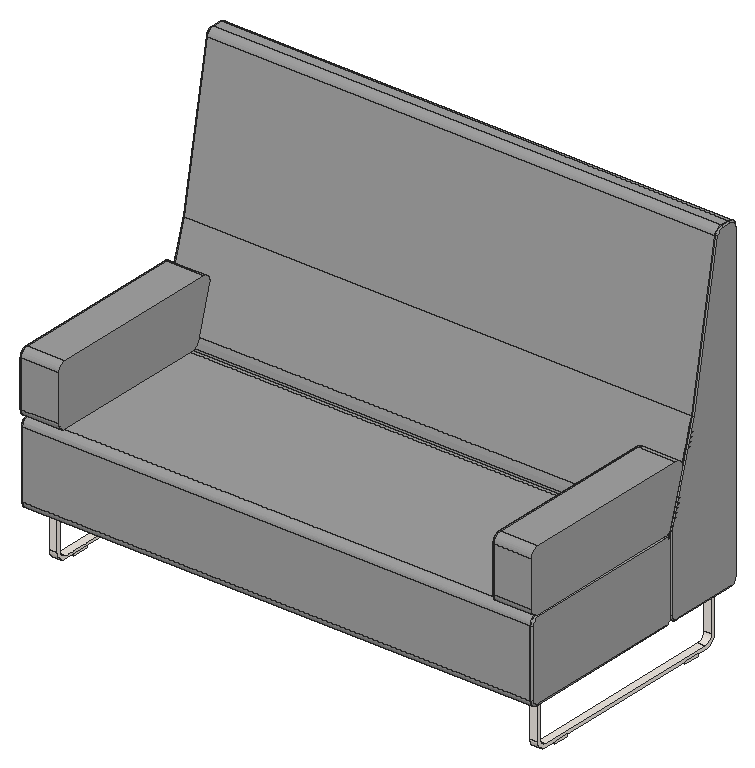
Revit family "Haworth_Riverbend_StraightBench_EU_PRELIMINARY", category Furniture, Revit 2018 (continued)
Definition of nested family "Haworth_Riverbend_StraightBench_Base-PART"
  Dimensions and locks (cm)
    aligned and locked: plane 12 "Leg Right - Right of Leg Bracket" to Extrusion 7
    aligned and locked: Extrusion 7 to plane 14 "Leg Right - Left of Leg"
    aligned and locked: plane 12 "Leg Right - Right of Leg Bracket" to Extrusion 6
    aligned and locked: Extrusion 6 to plane 14 "Leg Right - Left of Leg"
    aligned and locked: plane 21 "Foot - Top of Foot" to Extrusion 10  (x2)
    aligned and locked: Extrusion 10 to plane 20 "Leg Bottom - Top of Bottom"
    aligned and locked: plane 19 "Leg Bracket - Bottom" to Extrusion 1
    aligned and locked: plane 19 "Leg Bracket - Bottom" to Extrusion 10  (x2)
    aligned and locked: plane 19 "Leg Bracket - Bottom" to Extrusion 5
    aligned and locked: Extrusion 5 to plane 17 "Frame Bottom"
    aligned and locked: Extrusion 9 to plane 19 "Leg Bracket - Bottom"
    aligned and locked: plane 17 "Frame Bottom" to Extrusion 9
    aligned and locked: Extrusion 7 to plane 2 "Bottom"
    aligned and locked: Extrusion 7 to plane 21 "Foot - Top of Foot"
    aligned and locked: plane 2 "Bottom" to Extrusion 3
    aligned and locked: plane 21 "Foot - Top of Foot" to Extrusion 3
    aligned and locked: Extrusion 8 to plane 19 "Leg Bracket - Bottom"
    aligned and locked: plane 17 "Frame Bottom" to Extrusion 8
    aligned and locked: Extrusion 6 to plane 21 "Foot - Top of Foot"
    aligned and locked: Extrusion 6 to plane 2 "Bottom"
    aligned and locked: plane 22 "Power Mod - Left" to nested 1
    aligned and locked: nested 1 to plane 24 "Power Mod - Front"
    aligned and locked: Extrusion 1 to plane 9 "Leg Left - Left of Leg Bracket"
    aligned and locked: plane 10 "Leg Left - Right of Leg" to Extrusion 1
    aligned and locked: Extrusion 1 sketch curve to plane 21 "Foot - Top of Foot"
    aligned and locked: plane 20 "Leg Bottom - Top of Bottom" to Extrusion 1 sketch curve
    aligned and locked: Extrusion 1 sketch curve to plane 19 "Leg Bracket - Bottom"
    aligned and locked: plane 7 "Chair Front" to Masking region 1 sketch curve  (x2)
    aligned and locked: Masking region 1 sketch curve to plane 6 "Frame Back"  (x2)
    aligned and locked: plane 17 "Frame Bottom" to nested 1  (x2)
    aligned and locked: Extrusion 9 to plane 17 "Frame Bottom"  (x2)
    aligned and locked: plane 19 "Leg Bracket - Bottom" to Extrusion 9  (x3)
    aligned and locked: Extrusion 8 to plane 17 "Frame Bottom"  (x4)
    aligned and locked: plane 19 "Leg Bracket - Bottom" to Extrusion 8  (x4)
    aligned and locked: plane 9 "Leg Left - Left of Leg Bracket" to Masking region 1 sketch curve
    aligned and locked: Masking region 1 sketch curve to plane 10 "Leg Left - Right of Leg"
    aligned and locked: plane 14 "Leg Right - Left of Leg" to Masking region 1 sketch curve
    aligned and locked: Masking region 1 sketch curve to plane 12 "Leg Right - Right of Leg Bracket"
    aligned and locked: Extrusion 10 sketch curve to Extrusion 1
  Automatic sketch dimensions
    Extrusion 1 sketch curve to plane 19 "Leg Bracket - Bottom" = 0 cm
    Extrusion 1 sketch curve to Extrusion 1 sketch curve = 0.3175 cm  (x2)
    Extrusion 6 sketch curve to plane 14 "Leg Right - Left of Leg" = 0 cm
    Extrusion 6 sketch curve to plane 12 "Leg Right - Right of Leg Bracket" = 0 cm
    Extrusion 7 sketch curve to plane 14 "Leg Right - Left of Leg" = 0 cm
    Extrusion 7 sketch curve to plane 12 "Leg Right - Right of Leg Bracket" = 0 cm
    Extrusion 8 sketch curve to plane 13 "Leg Right - Left of Leg Bracket" = 0 cm
    Extrusion 8 sketch curve to plane 12 "Leg Right - Right of Leg Bracket" = 0 cm
    Extrusion 9 sketch curve to plane 13 "Leg Right - Left of Leg Bracket" = 0 cm
    Extrusion 9 sketch curve to plane 12 "Leg Right - Right of Leg Bracket" = 0 cm
    plane 21 "Foot - Top of Foot" to Extrusion 10 sketch curve = 0 cm
    Extrusion 10 sketch curve to plane 19 "Leg Bracket - Bottom" = 0 cm  (x2)
    Extrusion 10 sketch curve to Extrusion 10 sketch curve = 0.3175 cm  (x2)
    Extrusion 2 sketch curve to Extrusion 2 sketch curve = 5.08 cm
    Extrusion 6 sketch curve to Extrusion 6 sketch curve = 5.08 cm
    Extrusion 1 sketch curve to plane 20 "Leg Bottom - Top of Bottom" = 2.54 cm
    Extrusion 4 sketch curve to Extrusion 4 sketch curve = 6.0325 cm
    Extrusion 8 sketch curve to Extrusion 8 sketch curve = 6.0325 cm
    Extrusion 10 sketch curve to plane 20 "Leg Bottom - Top of Bottom" = 2.54 cm  (x2)
    Extrusion 1 sketch curve to plane 24 "Power Mod - Front" = 5.4375 cm
    Extrusion 1 sketch curve to plane 24 "Power Mod - Front" = 2.8975 cm
    Extrusion 1 sketch curve to Extrusion 1 sketch curve = 0.9525 cm
    plane 24 "Power Mod - Front" to Extrusion 3 sketch curve = 8.9375 cm
    Extrusion 3 sketch curve to Extrusion 3 sketch curve = 5.08 cm
    plane 24 "Power Mod - Front" to Extrusion 5 sketch curve = 1.945 cm
    Extrusion 5 sketch curve to Extrusion 5 sketch curve = 6.0325 cm
    Extrusion 7 sketch curve to plane 24 "Power Mod - Front" = 8.9375 cm
    Extrusion 7 sketch curve to Extrusion 7 sketch curve = 5.08 cm
    Extrusion 9 sketch curve to plane 24 "Power Mod - Front" = 1.945 cm
    Extrusion 9 sketch curve to Extrusion 9 sketch curve = 6.0325 cm
    Extrusion 10 sketch curve to plane 24 "Power Mod - Front" = 5.4375 cm
    Extrusion 1 sketch curve to plane 6 "Frame Back" = 7.9775 cm
    Extrusion 2 sketch curve to plane 6 "Frame Back" = 7.1575 cm
    Extrusion 4 sketch curve to plane 6 "Frame Back" = 4.485 cm
    plane 6 "Frame Back" to Extrusion 6 sketch curve = 11.4775 cm
    plane 6 "Frame Back" to Extrusion 8 sketch curve = 4.485 cm
  Nested families (cm)
    nested 1: "Haworth_Riverbend_PowerModule" at (-137.9801, -29.4836, -6.72), visible <- "Power Module", type "Power Module"
  Definition of nested family "Haworth_Riverbend_PowerModule"
    Parameters
      Warranty = "http://www.haworth.com/product-info/warranties"
      URL - Product = "http://www.haworth.com/products/"
      URL = "http://www.haworth.com/"
      Size = "Verify Final Dim. w/ Haworth"  # constant formula
      Revision Number = "1"  # constant formula
      Model = "EUSM"  # constant formula
      Manufacturer = "Haworth"  # constant formula
      Hardware Finish = none
      Front Finish = none
      Description = "Haworth Riverbend - Power Module"  # constant formula
      Author = "Haworth (Bentzen)"  # constant formula
      Assembly Code = "E2020200"
      Actual Width = 16.51 cm  # constant formula
      Actual Height = 4.7625 cm  # constant formula
      Actual Depth = 6.985 cm  # constant formula
    Reference planes (cm)
      plane 1 "Back": y = 0
      plane 2: z = 0
      plane 3 "Face 4": z = 18.0975
      plane 4 "Face Front": y = -6.985
      plane 5 "Bracket - Back": y = -0.635
      plane 6 "Bracket - Front": y = -6.35
      plane 7 "Module - Left": x = 3.8401
      plane 8 "Module - Right": x = 17.8101
      plane 9 "Left": x = 2.5701
      plane 10 "Right": x = 19.0801
      plane 11: z = 18.415
      plane 12: z = 13.6525
      plane 13: x = 10.8251
      plane 14: x = 5.8645
      plane 15: x = 7.9549
      plane 16: x = 8.8361
      plane 17: x = 10.9775
      plane 18: x = 13.2083
      plane 19: x = 14.5888
      plane 20: z = 16.3798
      plane 21: z = 14.8469
      plane 22: y = -7.3025
      plane 23: y = -3.6513
      plane 24: z = 18.415
    Forms (cm)
      Extrusion 1, solid, material <- "Hardware Finish"
        sketch origin (0, 0, 0) x (1, 0, 0) y (0, 1, 0)
          loop
            arc (2.8876, -0.635) -> (2.6631, -0.728) -> (2.5701, -0.9525) r 0.3175
            line (2.5701, -0.9525) -> (2.5701, -6.0325)
            arc (2.5701, -6.0325) -> (2.6631, -6.257) -> (2.8876, -6.35) r 0.3175
            line (2.8876, -6.35) -> (18.7626, -6.35)
            arc (18.7626, -6.35) -> (18.9872, -6.257) -> (19.0801, -6.0325) r 0.3175
            line (19.0801, -6.0325) -> (19.0801, -0.9525)
            arc (19.0801, -0.9525) -> (18.9872, -0.728) -> (18.7626, -0.635) r 0.3175
            line (18.7626, -0.635) -> (2.8876, -0.635)
        from 18.0975 to 18.415
      Extrusion 2, solid, material <- "Hardware Finish"
        sketch origin (0, 0, 0) x (1, 0, 0) y (0, 1, 0)
          loop
            arc (3.9195, 0) -> (3.8634, -0.0232) -> (3.8401, -0.0794) r 0.0794
            line (3.8401, -0.0794) -> (3.8401, -6.35)
            arc (3.8401, -6.35) -> (4.0261, -6.799) -> (4.4751, -6.985) r 0.635
            line (4.4751, -6.985) -> (17.1751, -6.985)
            arc (17.1751, -6.985) -> (17.6242, -6.799) -> (17.8101, -6.35) r 0.635
            line (17.8101, -6.35) -> (17.8101, -0.0794)
            arc (17.8101, -0.0794) -> (17.7869, -0.0232) -> (17.7308, 0) r 0.0794
            line (17.7308, 0) -> (3.9195, 0)
        from 13.6525 to 18.0975
      Extrusion 3, solid, material <- "Front Finish"
        sketch origin (0, 0, -62.998) x (1, 0, 0) y (0, 0, 1)
          loop
            line (5.8645, 79.3778) -> (5.8645, 77.8449) -> (7.9549, 77.8449) -> (7.9549, 79.3778) -> (5.8645, 79.3778)
        from 6.985 to 7.3025
      Extrusion 4, solid, material <- "Front Finish"
        sketch origin (0, 0, -62.998) x (1, 0, 0) y (0, 0, 1)
          loop
            line (8.8361, 79.3778) -> (8.8361, 77.8449) -> (10.9775, 77.8449) -> (10.9775, 79.3778) -> (8.8361, 79.3778)
        from 6.985 to 7.3025
      Extrusion 5, solid, material <- "Front Finish"
        sketch origin (0, 0, -62.998) x (1, 0, 0) y (0, 0, 1)
          loop
            line (13.2083, 79.3778) -> (13.2083, 77.8449) -> (14.5888, 77.8449) -> (14.5888, 79.3778) -> (13.2083, 79.3778)
        from 6.985 to 7.3025
    Lines and regions (cm)
      Masking region 1
        outline origin (0, 0, 0) x (1, 0, 0) y (0, 1, 0)
          loop
            arc (2.8876, -0.635) -> (2.6631, -0.728) -> (2.5701, -0.9525) r 0.3175
            line (2.5701, -0.9525) -> (2.5701, -6.0325)
            arc (2.5701, -6.0325) -> (2.6631, -6.257) -> (2.8876, -6.35) r 0.3175
            line (2.8876, -6.35) -> (3.8401, -6.35)
            arc (3.8401, -6.35) -> (4.0261, -6.799) -> (4.4751, -6.985) r 0.635
            line (4.4751, -6.985) -> (17.1751, -6.985)
            arc (17.1751, -6.985) -> (17.6242, -6.799) -> (17.8101, -6.35) r 0.635
            line (17.8101, -6.35) -> (18.7626, -6.35)
            arc (18.7626, -6.35) -> (18.9872, -6.257) -> (19.0801, -6.0325) r 0.3175
            line (19.0801, -6.0325) -> (19.0801, -0.9525)
            arc (19.0801, -0.9525) -> (18.9872, -0.728) -> (18.7626, -0.635) r 0.3175
            line (18.7626, -0.635) -> (17.8101, -0.635) -> (17.8101, -0.0794)
            arc (17.8101, -0.0794) -> (17.7869, -0.0232) -> (17.7308, 0) r 0.0794
            line (17.7308, 0) -> (3.9195, 0)
            arc (3.9195, 0) -> (3.8634, -0.0232) -> (3.8401, -0.0794) r 0.0794
            line (3.8401, -0.0794) -> (3.8401, -0.635) -> (2.8876, -0.635)
      symbolic lines, detail levels fine
        curve 1: line (3.8401, -0.635, 0) -> (17.8101, -0.635, 0)
        curve 2: line (17.8101, -0.635, 0) -> (17.8101, -6.35, 0)
        curve 3: line (17.8101, -6.35, 0) -> (3.8401, -6.35, 0)
        curve 4: line (3.8401, -6.35, 0) -> (3.8401, -0.635, 0)
    Dimensions and locks (cm)
      "Actual Depth": plane 4 "Face Front" to plane 1 "Back"
      locked: plane 5 "Bracket - Back" to plane 6 "Bracket - Front" at 5.715
      "Actual Width": plane 9 "Left" to plane 10 "Right"
      locked: plane 7 "Module - Left" to plane 8 "Module - Right" at 13.97
      plane 11 to plane 3 "Face 4" = 0.3175 cm
      equal spacing: plane 10 "Right", plane 13, plane 9 "Left"
      plane 4 "Face Front" to plane 22 = 0.3175 cm
      equal spacing: plane 22, plane 23, plane 1 "Back"
      "Actual Height": plane 11 to plane 12
      plane 24 to plane 2 = 18.415 cm
      aligned and locked: plane 4 "Face Front" to Extrusion 4
    Automatic sketch dimensions
      Extrusion 3 sketch curve to plane 14 = 0 cm
      Extrusion 3 sketch curve to plane 15 = 0 cm
      plane 21 to Extrusion 3 sketch curve = 0 cm
      plane 20 to Extrusion 3 sketch curve = 0 cm
      Extrusion 4 sketch curve to plane 16 = 0 cm
      Extrusion 4 sketch curve to plane 17 = 0 cm
      plane 21 to Extrusion 4 sketch curve = 0 cm
      plane 20 to Extrusion 4 sketch curve = 0 cm
      Extrusion 5 sketch curve to plane 18 = 0 cm
      Extrusion 5 sketch curve to plane 19 = 0 cm
      plane 21 to Extrusion 5 sketch curve = 0 cm
      plane 20 to Extrusion 5 sketch curve = 0 cm
      Masking region 1 sketch curve to plane 5 "Bracket - Back" = 0 cm  (x2)
      Masking region 1 sketch curve to plane 7 "Module - Left" = 0 cm  (x2)
      Masking region 1 sketch curve to plane 6 "Bracket - Front" = 0 cm  (x2)
      plane 1 "Back" to Masking region 1 sketch curve = 0 cm
      Masking region 1 sketch curve to plane 4 "Face Front" = 0 cm
      Masking region 1 sketch curve to plane 8 "Module - Right" = 0 cm  (x2)
      Masking region 1 sketch curve to plane 10 "Right" = 0 cm
      plane 1 "Back" to Masking region 1 sketch curve = 0.0794 cm  (x2)
      Masking region 1 sketch curve to plane 10 "Right" = 0.3175 cm
      Masking region 1 sketch curve to plane 5 "Bracket - Back" = 0.3175 cm
      plane 9 "Left" to Masking region 1 sketch curve = 0.3175 cm  (x2)
      Masking region 1 sketch curve to plane 9 "Left" = 0 cm
      curve 4 to plane 7 "Module - Left" = 0 cm
      curve 3 to plane 6 "Bracket - Front" = 0 cm
      curve 1 to plane 5 "Bracket - Back" = 0 cm
      curve 3 to plane 8 "Module - Right" = 0 cm
      Extrusion 1 sketch curve to Extrusion 1 sketch curve = 0.3175 cm  (x3)
      Extrusion 1 sketch curve to Extrusion 1 sketch curve = 5.08 cm
      Extrusion 2 sketch curve to Extrusion 2 sketch curve = 0.0794 cm
      Extrusion 2 sketch curve to Extrusion 2 sketch curve = 6.2706 cm
      Extrusion 1 sketch curve to Extrusion 1 sketch curve = 15.875 cm
      Extrusion 1 sketch curve to Extrusion 1 sketch curve = 0 cm
      Extrusion 2 sketch curve to Extrusion 2 sketch curve = 0.635 cm  (x2)
      Extrusion 2 sketch curve to Extrusion 2 sketch curve = 12.7 cm
      Extrusion 2 sketch curve to Extrusion 2 sketch curve = 0.5556 cm
      Extrusion 1 sketch curve to plane 9 "Left" = 0 cm
      Extrusion 2 sketch curve to plane 7 "Module - Left" = 0 cm
      Extrusion 1 sketch curve to plane 6 "Bracket - Front" = 0 cm
      Extrusion 2 sketch curve to plane 4 "Face Front" = 0 cm
Definition of nested family "Haworth_Riverbend_Arm-PART"
  Parameters (values of type "Arm - PART")
    Warranty = "http://www.haworth.com/resources/product-info/warranties"
    URL - Product = "http://www.haworth.com/products/seating/sofas/riverbend-pebble"
    Model = "Haworth - Riverbend"  # constant formula
    Description = "Haworth - Riverbend - Arm - PART"  # constant formula
    URL = "http://www.haworth.com"
    Size = "Verify Final Dim. w/ Haworth"  # constant formula
    Revision Number = "1"  # constant formula
    Manufacturer = "Haworth"  # constant formula
    Author = "Haworth (Abd Rahman)"  # constant formula
    Assembly Code = "E2020200"
    Arm Finish [instance] = none
    Actual Width = 13 cm
    Actual Height = 45.72 cm
    Actual Depth = 62.5 cm
    85D [instance] = yes
    79D [instance] = yes
  Reference planes (cm)
    plane 1 "Bottom": z = 0
    plane 2 "Center L/R": x = -49.53
    plane 3 "Left": x = -56.03
    plane 4 "Right": x = -43.03
    plane 5 "Top": z = 45.72
    plane 6 "Top - Bottom of Chamfer Edge": z = 45.085
    plane 7 "Frame Bottom": z = 18.415
    plane 8 "Bottom - Top of Chamfer Edge": z = 19.05
    plane 9 "Leg Bracket - Bottom": z = 17.78
    plane 10: y = 35.8515
    plane 11: y = -26.6485
    plane 12: y = 4.6015
  Forms (cm)
    Extrusion 1, solid, material <- "Arm Finish", visible <- "85D"
      sketch origin (-56.03, 0, 0) x (0, 1, 0) y (0, 0, -1)
        loop
          line (-24.1485, -65.9871) -> (33.3515, -65.9871)
          arc (33.3515, -65.9871) -> (35.3659, -64.9678) -> (35.7376, -62.7411) r 2.5
          line (35.7376, -62.7411) -> (30.855, -47.1232)
          arc (30.855, -47.1232) -> (30.1306, -46.1085) -> (28.9461, -45.72) r 2
          line (28.9461, -45.72) -> (-24.1485, -45.72)
          arc (-24.1485, -45.72) -> (-25.9162, -46.4522) -> (-26.6485, -48.22) r 2.5
          line (-26.6485, -48.22) -> (-26.6485, -63.4871)
          arc (-26.6485, -63.4871) -> (-25.9162, -65.2549) -> (-24.1485, -65.9871) r 2.5
      from -0.1761 to 0
    Extrusion 2, solid, material <- "Arm Finish", visible <- "85D"
      sketch origin (-43.03, 0, 0) x (0, 1, 0) y (0, 0, 1)
        loop
          arc (-24.1485, 65.9871) -> (-25.9162, 65.2549) -> (-26.6485, 63.4871) r 2.5
          line (-26.6485, 63.4871) -> (-26.6485, 48.22)
          arc (-26.6485, 48.22) -> (-25.9162, 46.4522) -> (-24.1485, 45.72) r 2.5
          line (-24.1485, 45.72) -> (28.9461, 45.72)
          arc (28.9461, 45.72) -> (30.1306, 46.1085) -> (30.855, 47.1232) r 2
          line (30.855, 47.1232) -> (35.7376, 62.7411)
          arc (35.7376, 62.7411) -> (35.3659, 64.9678) -> (33.3515, 65.9871) r 2.5
          line (33.3515, 65.9871) -> (-24.1485, 65.9871)
      from -12.8239 to -0.1664
    Extrusion 3, solid, material <- "Arm Finish", visible <- "79D"
      sketch origin (-43.03, 0, 0) x (0, 1, 0) y (0, 0, 1)
        loop
          arc (-24.1485, 65.9871) -> (-25.9162, 65.2549) -> (-26.6485, 63.4871) r 2.5
          line (-26.6485, 63.4871) -> (-26.6485, 48.22)
          arc (-26.6485, 48.22) -> (-25.9162, 46.4522) -> (-24.1485, 45.72) r 2.5
          line (-24.1485, 45.72) -> (23.9461, 45.72)
          arc (23.9461, 45.72) -> (25.1306, 46.1085) -> (25.855, 47.1232) r 2
          line (25.855, 47.1232) -> (30.7376, 62.7411)
          arc (30.7376, 62.7411) -> (30.3659, 64.9678) -> (28.3515, 65.9871) r 2.5
          line (28.3515, 65.9871) -> (-24.1485, 65.9871)
      from -0.1664 to 0
    Extrusion 4, solid, material <- "Arm Finish", visible <- "79D"
      sketch origin (-56.03, 0, 0) x (0, 1, 0) y (0, 0, -1)
        loop
          line (-24.1485, -65.9871) -> (28.3515, -65.9871)
          arc (28.3515, -65.9871) -> (30.3659, -64.9678) -> (30.7376, -62.7411) r 2.5
          line (30.7376, -62.7411) -> (25.855, -47.1232)
          arc (25.855, -47.1232) -> (25.1306, -46.1085) -> (23.9461, -45.72) r 2
          line (23.9461, -45.72) -> (-24.1485, -45.72)
          arc (-24.1485, -45.72) -> (-25.9162, -46.4522) -> (-26.6485, -48.22) r 2.5
          line (-26.6485, -48.22) -> (-26.6485, -63.4871)
          arc (-26.6485, -63.4871) -> (-25.9162, -65.2549) -> (-24.1485, -65.9871) r 2.5
      from -0.1761 to 0
    Extrusion 5, solid, material <- "Arm Finish", visible <- "79D"
      sketch origin (-43.03, 0, 0) x (0, 1, 0) y (0, 0, 1)
        loop
          arc (-24.1485, 65.9871) -> (-25.9162, 65.2549) -> (-26.6485, 63.4871) r 2.5
          line (-26.6485, 63.4871) -> (-26.6485, 48.22)
          arc (-26.6485, 48.22) -> (-25.9162, 46.4522) -> (-24.1485, 45.72) r 2.5
          line (-24.1485, 45.72) -> (23.9461, 45.72)
          arc (23.9461, 45.72) -> (25.1306, 46.1085) -> (25.855, 47.1232) r 2
          line (25.855, 47.1232) -> (30.7376, 62.7411)
          arc (30.7376, 62.7411) -> (30.3659, 64.9678) -> (28.3515, 65.9871) r 2.5
          line (28.3515, 65.9871) -> (-24.1485, 65.9871)
      from -12.8239 to -0.1664
    Extrusion 6, solid, material <- "Arm Finish", visible <- "79D"
      sketch origin (-43.03, 0, 0) x (0, 1, 0) y (0, 0, 1)
        loop
          arc (-24.1485, 65.9871) -> (-25.9162, 65.2549) -> (-26.6485, 63.4871) r 2.5
          line (-26.6485, 63.4871) -> (-26.6485, 48.22)
          arc (-26.6485, 48.22) -> (-25.9162, 46.4522) -> (-24.1485, 45.72) r 2.5
          line (-24.1485, 45.72) -> (23.9461, 45.72)
          arc (23.9461, 45.72) -> (25.1306, 46.1085) -> (25.855, 47.1232) r 2
          line (25.855, 47.1232) -> (30.7376, 62.7411)
          arc (30.7376, 62.7411) -> (30.3659, 64.9678) -> (28.3515, 65.9871) r 2.5
          line (28.3515, 65.9871) -> (-24.1485, 65.9871)
      from -0.1664 to 0
  Lines and regions (cm)
    Masking region 1, visible <- "85D"
      outline origin (0, 0, 45.72) x (-1, 0, 0) y (0, -1, 0)
        loop
          line (56.03, -35.8515) -> (56.03, 26.6485) -> (43.03, 26.6485) -> (43.03, -35.8515) -> (56.03, -35.8515)
    Masking region 2, visible <- "79D"
      outline origin (0, 0, 45.72) x (-1, 0, 0) y (0, -1, 0)
        loop
          line (56.03, -33.2376) -> (56.03, 26.6485) -> (43.03, 26.6485) -> (43.03, -33.2376) -> (56.03, -33.2376)
  Dimensions and locks (cm)
    "Actual Width": plane 3 "Left" to plane 4 "Right"
    equal spacing: plane 3 "Left", plane 2 "Center L/R", plane 4 "Right"
    locked: plane 5 "Top" to plane 6 "Top - Bottom of Chamfer Edge" at 0.635
    locked: plane 8 "Bottom - Top of Chamfer Edge" to plane 7 "Frame Bottom" at 0.635
    plane 5 "Top" to plane 7 "Frame Bottom" = 27.305 cm
    "Actual Height": plane 5 "Top" to plane 1 "Bottom"
    plane 5 "Top" to plane 1 "Bottom" = 45.72 cm
    equal spacing: plane 11, plane 12, plane 10
    "Actual Depth": plane 11 to plane 10
    aligned and locked: Extrusion 1 to Extrusion 2
    aligned and locked: plane 3 "Left" to Extrusion 1
    aligned and locked: plane 4 "Right" to Extrusion 3
    aligned and locked: Extrusion 2 to Extrusion 3
    aligned and locked: plane 11 to Extrusion 3
    aligned and locked: plane 11 to Extrusion 2
    aligned and locked: plane 11 to Extrusion 1
    aligned and locked: Extrusion 3 to plane 5 "Top"
    aligned and locked: Extrusion 2 to plane 5 "Top"
    aligned and locked: Extrusion 1 to plane 5 "Top"
    aligned and locked: Masking region 1 sketch curve to plane 4 "Right"
    aligned and locked: Masking region 1 sketch curve to plane 3 "Left"
    aligned and locked: plane 10 to Masking region 1 sketch curve
    aligned and locked: Masking region 1 sketch curve to plane 11
    aligned and locked: Extrusion 4 to Extrusion 5
    aligned and locked: Extrusion 5 to Extrusion 6
  Automatic sketch dimensions
    Extrusion 1 sketch curve to plane 11 = 0 cm
    Extrusion 1 sketch curve to plane 5 "Top" = 0 cm
    Extrusion 1 sketch curve to Extrusion 1 sketch curve = 2.5 cm
    Extrusion 1 sketch curve to plane 11 = 2.5 cm
    plane 10 to Extrusion 1 sketch curve = 6.9055 cm
    plane 5 "Top" to Extrusion 1 sketch curve = 1.4032 cm
    Extrusion 1 sketch curve to Extrusion 1 sketch curve = 1.9089 cm
    plane 10 to Extrusion 1 sketch curve = 2.5 cm
    plane 10 to Extrusion 1 sketch curve = 0.1139 cm
    Extrusion 1 sketch curve to Extrusion 1 sketch curve = 15.6179 cm
    Extrusion 1 sketch curve to Extrusion 1 sketch curve = 0.746 cm
    Extrusion 2 sketch curve to plane 11 = 0 cm
    Extrusion 2 sketch curve to plane 5 "Top" = 0 cm
    plane 5 "Top" to Extrusion 2 sketch curve = 2.5 cm
    Extrusion 2 sketch curve to plane 11 = 2.5 cm
    plane 10 to Extrusion 2 sketch curve = 6.9055 cm
    plane 5 "Top" to Extrusion 2 sketch curve = 1.4032 cm
    Extrusion 2 sketch curve to Extrusion 2 sketch curve = 1.9089 cm
    plane 10 to Extrusion 2 sketch curve = 2.5 cm
    plane 10 to Extrusion 2 sketch curve = 0.1139 cm
    Extrusion 2 sketch curve to Extrusion 2 sketch curve = 15.6179 cm
    Extrusion 2 sketch curve to Extrusion 2 sketch curve = 15.2671 cm
    Extrusion 3 sketch curve to plane 11 = 0 cm
    Extrusion 3 sketch curve to plane 5 "Top" = 0 cm
    plane 5 "Top" to Extrusion 3 sketch curve = 2.5 cm
    Extrusion 3 sketch curve to plane 11 = 2.5 cm
    plane 10 to Extrusion 3 sketch curve = 11.9055 cm
    plane 5 "Top" to Extrusion 3 sketch curve = 1.4032 cm
    Extrusion 3 sketch curve to Extrusion 3 sketch curve = 1.9089 cm
    plane 10 to Extrusion 3 sketch curve = 7.5 cm
    plane 10 to Extrusion 3 sketch curve = 5.1139 cm
    Extrusion 3 sketch curve to Extrusion 3 sketch curve = 15.6179 cm
    Extrusion 3 sketch curve to Extrusion 3 sketch curve = 15.2671 cm
    Extrusion 4 sketch curve to plane 11 = 0 cm
    Extrusion 4 sketch curve to plane 5 "Top" = 0 cm
    Extrusion 4 sketch curve to Extrusion 4 sketch curve = 2.5 cm
    Extrusion 4 sketch curve to plane 11 = 2.5 cm
    plane 10 to Extrusion 4 sketch curve = 11.9055 cm
    plane 5 "Top" to Extrusion 4 sketch curve = 1.4032 cm
    Extrusion 4 sketch curve to Extrusion 4 sketch curve = 1.9089 cm
    plane 10 to Extrusion 4 sketch curve = 7.5 cm
    plane 10 to Extrusion 4 sketch curve = 5.1139 cm
    Extrusion 4 sketch curve to Extrusion 4 sketch curve = 15.6179 cm
    Extrusion 4 sketch curve to Extrusion 4 sketch curve = 0.746 cm
    Extrusion 5 sketch curve to plane 11 = 0 cm
    Extrusion 5 sketch curve to plane 5 "Top" = 0 cm
    plane 5 "Top" to Extrusion 5 sketch curve = 2.5 cm
    Extrusion 5 sketch curve to plane 11 = 2.5 cm
    plane 10 to Extrusion 5 sketch curve = 11.9055 cm
    plane 5 "Top" to Extrusion 5 sketch curve = 1.4032 cm
    Extrusion 5 sketch curve to Extrusion 5 sketch curve = 1.9089 cm
    plane 10 to Extrusion 5 sketch curve = 7.5 cm
    plane 10 to Extrusion 5 sketch curve = 5.1139 cm
    Extrusion 5 sketch curve to Extrusion 5 sketch curve = 15.6179 cm
    Extrusion 5 sketch curve to Extrusion 5 sketch curve = 15.2671 cm
    Extrusion 6 sketch curve to plane 11 = 0 cm
    Extrusion 6 sketch curve to plane 5 "Top" = 0 cm
    plane 5 "Top" to Extrusion 6 sketch curve = 2.5 cm
    Extrusion 6 sketch curve to plane 11 = 2.5 cm
    plane 10 to Extrusion 6 sketch curve = 11.9055 cm
    plane 5 "Top" to Extrusion 6 sketch curve = 1.4032 cm
    Extrusion 6 sketch curve to Extrusion 6 sketch curve = 1.9089 cm
    plane 10 to Extrusion 6 sketch curve = 7.5 cm
    plane 10 to Extrusion 6 sketch curve = 5.1139 cm
    Extrusion 6 sketch curve to Extrusion 6 sketch curve = 15.6179 cm
    Extrusion 6 sketch curve to Extrusion 6 sketch curve = 15.2671 cm
    Masking region 2 sketch curve to plane 4 "Right" = 0 cm
    Masking region 2 sketch curve to plane 3 "Left" = 0 cm
    plane 11 to Masking region 2 sketch curve = 0 cm
    plane 10 to Masking region 2 sketch curve = 2.6139 cm
Types (8, lengths in cm): name | Without Arms | With Arms | Two Arms | Symbolic Line Controler | Small | Right Arm | No Back | Mid Back | Medium | Left Arm | Large | High Back | Actual Width
  45 x 85 x 70 - No Back | yes | no | no | no | yes | no | yes | no | no | no | no | no | 70
  45 x 85 x 140 - No Back | yes | no | no | no | no | no | yes | no | yes | no | no | no | 140
  45 x 85 x 170 - No Back | yes | no | no | no | no | no | yes | no | no | no | yes | no | 170
  78 x 85 x 70 - Mid Back | no | yes | yes | yes | yes | yes | no | yes | no | yes | no | no | 70
  78 x 85 x 140 - Mid Back | no | yes | yes | yes | no | yes | no | yes | yes | yes | no | no | 140
  78 x 85 x 170 - Mid Back | no | yes | yes | yes | no | yes | no | yes | no | yes | yes | no | 170
  126 x 85 x 140 - High Back | no | yes | yes | yes | no | yes | no | no | yes | yes | no | yes | 140
  126 x 85 x 170 - High Back | no | yes | yes | yes | no | yes | no | no | no | yes | yes | yes | 170
